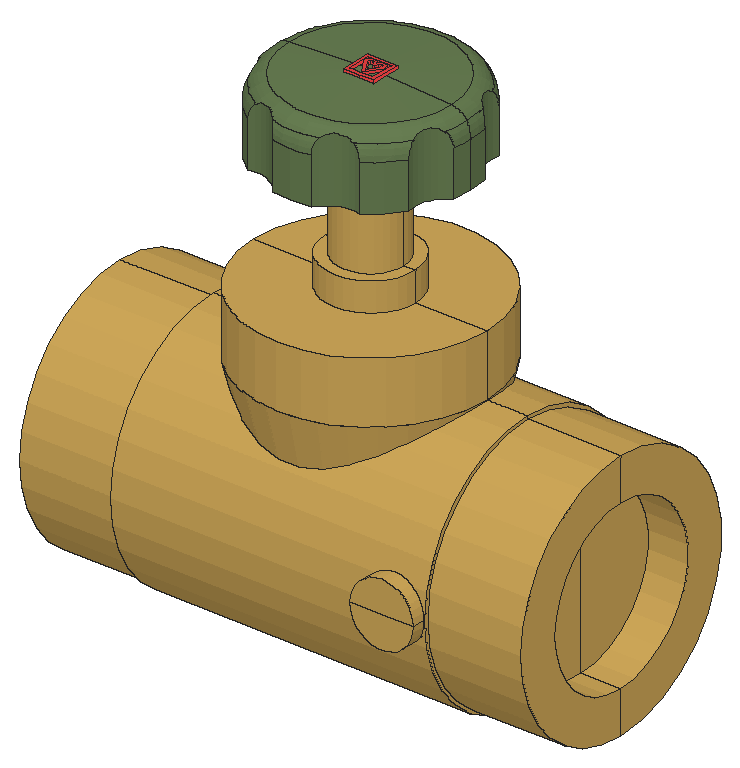
Revit family "HERZ Strömax 4215 W IG-IG", category Rohrzubehör, Revit 2021
Family settings
  Bemaßung runder Anschluss = Durchmesser verwenden
  Teiletyp = Unterbricht
  OmniClass-Nummer = 23.65.55.14
  OmniClass-Titel = Valves for Liquid Services
  Arbeitsebenenbasiert = Nein
  Immer vertikal = Ja
  Beim Laden mit Abzugskörper schneiden = Nein
  Gemeinsam genutzt = Nein
Parameters
  Vorgabe-Ansicht = 0 mm
  URL = "www.herzvalves.com"
  T01 [instance] = size_lookup("4215W_", "T1", 17.5 mm, Nennweite)  # 42 mm
  SC_NennweiteBerechnet = 0
  SC_Dimension = ""
  SCTWSEQ = "FW;SBT_TYP_FW=\"106\";2"
  SCTWCODE = "04;01;02"  # constant formula
  S03 = 60 mm  # constant formula
  S02 [instance] = H01 + H02 + H03  # 93 mm
  S01 [instance] = R01 * 2  # 75 mm
  R08 [instance] = size_lookup("4215W_", "R8", 9.5 mm, Nennweite)  # 9.5 mm
  R07 = 3 mm  # constant formula
  R06 [instance] = size_lookup("4215W_", "R6", 7.8 mm, Nennweite)  # 10 mm
  R05 [instance] = size_lookup("4215W_", "R5", 10.1 mm, Nennweite)  # 13.5 mm
  R04 [instance] = size_lookup("4215W_", "R4", 13.5 mm, Nennweite)  # 35 mm
  R03 [instance] = size_lookup("4215W_", "R3", 15 mm, Nennweite)  # 38.5 mm
  R02 [instance] = Nennweite / 2  # 25 mm
  R01 [instance] = size_lookup("4215W_", "R1", 16 mm, Nennweite)  # 37.5 mm
  Part number [instance] = size_lookup("4215W_", "Artnr", 0, Nennweite)  # 2421546
  Note = "Pursuant to Article 33 of the REACH Regulation (EC No. 1907/2006), we are obliged to point out that the material lead is listed on the SVHC list and that all brass components manufactured in our products exceed 0.1% (w / w) lead (CAS: 7439-92-1 / EINECS: 231-100-4).\r\nSince lead is a component part of an alloy, actual exposure is not possible and therefore no additional information on safe use is necessary."
  Nennweite [instance] = 50 mm
  Min. flow at Dp 10 kPa [instance] = if(Nennweite = 15 mm, 0.2, if(Nennweite = 20 mm, 0.4, if(Nennweite = 25 mm, 0.7, if(Nennweite = 32 mm, 1.2, if(Nennweite = 40 mm, 1.6, if(Nennweite = 50 mm, 2.7, 0))))))  # 2.7
  Medium = "Water"  # constant formula
  Max. operating temperature = 90 °C  # constant formula
  Max. operating pressure = 1000000.0 Pa  # constant formula
  Max. differential pressure on closed seat = 1000000.0 Pa  # constant formula
  L03 [instance] = size_lookup("4215W_", "L3", 15.5 mm, Nennweite)  # 38 mm
  L02 = 12 mm  # constant formula
  L01 [instance] = size_lookup("4215W_", "L1", 16 mm, Nennweite)  # 28 mm
  L00 [instance] = size_lookup("4215W_", "L", 65 mm, Nennweite)  # 150 mm
  Hersteller = "HERZ Armaturen Ges.m.b.H."  # constant formula
  Hand wheel = "plastic, green"  # constant formula
  H04 = 21 mm  # constant formula
  H03 [instance] = size_lookup("4215W_", "H3", 14.6 mm, Nennweite)  # 27.3 mm
  H02 [instance] = size_lookup("4215W_", "H2", 5.4 mm, Nennweite)  # 8.7 mm
  H01 [instance] = size_lookup("4215W_", "H1", 26 mm, Nennweite)  # 57 mm
  H00 [instance] = H01 + H02 + H03  # 93 mm
  O-Rings = "EPDM"  # constant formula
  Body = "DZR brass acc. to EN1982"  # constant formula
  Application = "For shutting off drinking water pipes and systems in buildings."
Reference planes
  plane 1 "Mitte (Vorne/hinten)": y = 0
  plane 2: z = 0
  plane 3 "Mitte (Links/rechts)": x = 0
Forms (mm)
  Revolve 1, solid, material "Messing, weicher Gelbton, geschweißt", detail levels fine
    sketch origin (470, 0, 0) x (1, 0, 0) y (0, 0, 1)
      loop
        line (-545, 25) -> (-533, 25) -> (-533, 0) -> (-407, 0) -> (-407, 25) -> (-395, 25) -> (-395, 37.5) -> (-423, 37.5) -> (-423, 38.5) -> (-517, 38.5) -> (-517, 37.5) -> (-545, 37.5) -> (-545, 25)
      axis (-545, 0) -> (-395, 0)
    angle from 0 to 360
  Revolve 2, solid, material "Messing, weicher Gelbton, geschweißt", detail levels fine
    sketch origin (0, 0, 0) x (1, 0, 0) y (0, 0, 1)
      loop
        line (0, 0) -> (0, 93) -> (-10, 93) -> (-10, 65.7) -> (-13.5, 65.7) -> (-13.5, 57) -> (-35, 57) -> (-35, 38.5) -> (-25, 0) -> (0, 0)
      axis (0, 93) -> (0, 0)
    angle from 0 to 360
  Revolve 3, solid, material "Messing, weicher Gelbton, geschweißt", detail levels fine
    sketch origin (0, 0, 0) x (1, 0, 0) y (0, 1, 0)
      loop
        line (37, -42) -> (46.5, -42) -> (46.5, -25) -> (40, -25) -> (40, 25) -> (46.5, 25) -> (46.5, 42) -> (37, 42) -> (37, -42)
      axis (37, 42) -> (37, -42)
    angle from 0 to 360
Lines and regions (mm)
  model lines, detail levels coarse+medium
    curve 1: line (-75, 0, -37.5) -> (-75, 0, 37.5)
    curve 2: line (-75, 0, 37.5) -> (75, 0, -37.5)
    curve 3: line (75, 0, -37.5) -> (75, 0, 37.5)
    curve 4: line (75, 0, 37.5) -> (-75, 0, -37.5)
    curve 5: line (0, 0, 0) -> (0, 0, 93)
    curve 6: line (-30, 0, 93) -> (30, 0, 93)
    curve 7: line (-75, 37.5, 0) -> (-75, -37.5, 0)
    curve 8: line (-75, -37.5, 0) -> (75, 37.5, 0)
    curve 9: line (75, 37.5, 0) -> (75, -37.5, 0)
    curve 10: line (75, -37.5, 0) -> (-75, 37.5, 0)
    curve 11: line (0, 0, 0) -> (0, 93, 0)
    curve 12: line (-30, 93, 0) -> (30, 93, 0)
Dimensions and locks
  "L00": Revolve 1 sketch curve to Revolve 1 sketch curve
  equal spacing: Revolve 1 sketch curve, plane 3 "Mitte (Links/rechts)", Revolve 1 sketch curve
  "R01": Revolve 1 sketch curve to Revolve 1 sketch curve  (x2)
  "R02": Revolve 1 sketch curve to Revolve 1 sketch curve  (x2)
  "L01": Revolve 1 sketch curve to Revolve 1 sketch curve  (x2)
  "L02": Revolve 1 sketch curve to Revolve 1 sketch curve  (x2)
  "R03": Revolve 1 sketch curve to Revolve 1 sketch curve
  "R03": Revolve 2 sketch curve to Revolve 2 sketch curve
  "R02": Revolve 2 sketch curve to Revolve 2 sketch curve
  "R04": Revolve 2 sketch curve to Revolve 2 sketch curve
  "R05": Revolve 2 sketch curve to Revolve 2 sketch curve
  "R06": Revolve 2 sketch curve to Revolve 2 sketch curve
  "H01": Revolve 2 sketch curve to plane 2
  "T01": Revolve 3 sketch curve to plane 1 "Mitte (Vorne/hinten)" to Revolve 3 sketch curve
  "L03": Revolve 3 sketch curve to Revolve 1
  "R02": Revolve 3 sketch curve to plane 1 "Mitte (Vorne/hinten)"
  "R02": plane 1 "Mitte (Vorne/hinten)" to Revolve 3 sketch curve
  "R07": Revolve 3 sketch curve to Revolve 3 sketch curve
  "R08": Revolve 3 sketch curve to Revolve 3 sketch curve
  "H02": Revolve 2 sketch curve to Revolve 2 sketch curve
  "H03": Revolve 2 sketch curve to Revolve 2 sketch curve
  "H00": nested 1 to plane 2
  "H04": nested 2 to Revolve 2
  equal spacing: curve 3, plane 3 "Mitte (Links/rechts)", curve 1
  "L00": curve 3 to curve 1
  equal spacing: curve 2, plane 2, curve 4
  "S01": curve 2 to curve 4
  equal spacing: curve 4, plane 2, curve 3
  "S01": curve 4 to curve 3
  "S02": curve 5 to plane 2
  equal spacing: curve 6, curve 5, curve 6
  "S03": curve 6 to curve 6
  equal spacing: curve 7, plane 3 "Mitte (Links/rechts)", curve 9
  "L00": curve 7 to curve 9
  equal spacing: curve 10, plane 1 "Mitte (Vorne/hinten)", curve 9
  equal spacing: curve 8, plane 1 "Mitte (Vorne/hinten)", curve 10
  "S01": curve 9 to curve 10
  "S01": curve 10 to curve 8
  equal spacing: curve 12, plane 3 "Mitte (Links/rechts)", curve 12
  "S02": plane 1 "Mitte (Vorne/hinten)" to curve 11
  "S03": curve 12 to curve 12
  aligned and locked: level to plane 2
Automatic sketch dimensions
  curve 5 to level = 0 mm
  plane 1 "Mitte (Vorne/hinten)" to curve 11 = 0 mm
  Revolve 1 sketch curve to level = 0 mm  (x2)
  Revolve 1 sketch curve to Revolve 1 sketch curve = 791.99 mm
  Revolve 1 sketch curve to Revolve 1 sketch curve = 2278.983 mm
  Revolve 2 sketch curve to level = 0 mm
  Revolve 2 sketch curve to plane 3 "Mitte (Links/rechts)" = 0 mm  (x2)
  Revolve 2 sketch curve to level = 366.045 mm
  Revolve 2 sketch curve to Revolve 2 sketch curve = 2165.278 mm
  Revolve 3 sketch curve to Revolve 3 sketch curve = 9.5 mm
  Revolve 3 sketch curve to Revolve 3 sketch curve = 0 mm
  Revolve 3 sketch curve to Revolve 3 sketch curve = 4.553 mm
  Revolve 3 sketch curve to Revolve 3 sketch curve = 3.768 mm
Nested families
  nested 1: "Strömax-Handrad (Grün)" at (0, 0, 93), type "Strömax-Handrad (Grün)", detail levels fine
    with Nennweite 0 mm, Gewicht 0.00 kg, Bestellnummer 0
  nested 2: "Herz-Logo" at (0, 0, 114), type "Herz-Logo", detail levels fine
Connectors
  piping at (-63, 0, 0), diameter 50, driven by "Nennweite"
    settings: on Revolve 1, index 1, connector inside diameter 609.6 mm, connector length 0 mm, flow factor 0, pipe flow 0.0 L/s, pressure drop 0.0 Pa, fitting loss kfactor 0, connector angle 0.00°, fixture units 0, engagement length 0 mm, angle of deflection 0.00°, flow configuration 0, flow direction 1, fitting loss method 0, system type 29, joint type 0, gender type 0, connector reference index -1, connector utility 0, adjustable connector no, is connector primary yes, connector description ""
  piping at (63, 0, 0), diameter 50, driven by "Nennweite"
    settings: on Revolve 1, index 2, connector inside diameter 609.6 mm, connector length 0 mm, flow factor 0, pipe flow 0.0 L/s, pressure drop 0.0 Pa, fitting loss kfactor 0, connector angle 0.00°, fixture units 0, engagement length 0 mm, angle of deflection 0.00°, flow configuration 0, flow direction 2, fitting loss method 0, system type 29, joint type 0, gender type 0, connector reference index -1, connector utility 0, adjustable connector no, is connector primary no, connector description ""
Definition of nested family "Strömax-Handrad (Grün)"
  Parameters (values of type "Strömax-Handrad (Grün)")
    Default Elevation = 0 mm
    URL = "www.herz-armaturen.at"
    Nennweite [instance] = 0 mm
    Manufacturer = "Herz Armaturen GmbH"  # constant formula
    Gewicht [instance] = 0.00 kg
    Bestellnummer [instance] = 0
  Reference planes
    plane 1 "Mitte (Vorne/hinten)": y = 0
    plane 2: z = 0
    plane 3 "Mitte (Links/rechts)": x = 0
  Forms (mm)
    Revolve 1, solid
      sketch origin (0, 0, 0) x (1, 0, 0) y (0, 0, 1)
        loop
          line (0, 0) -> (0, 22)
          arc (0, 22) -> (-12.15, 21.705) -> (-24.271, 20.819) r 250
          arc (-24.271, 20.819) -> (-26.831, 19.959) -> (-28.754, 18.063) r 6
          arc (-28.754, 18.063) -> (-29.682, 16.008) -> (-30, 13.776) r 8
          line (-30, 13.776) -> (-30, 0) -> (0, 0)
        axis (0, 22) -> (0, 0)
      angle from 0 to 360
    Extrusion 2, void
      sketch origin (0, 0, 0) x (1, 0, 0) y (0, 1, 0)
        loop
          circle (14.351, -34.645) r 10
      from 0 to 22
    Extrusion 3, void
      sketch origin (0, 0, 0) x (-1, 0, 0) y (0, -1, 0)
        loop
          circle (14.351, 34.645) r 10
      from 0 to 22
    Extrusion 4, void
      sketch origin (0, 0, 0) x (0, -1, 0) y (1, 0, 0)
        loop
          circle (14.351, 34.645) r 10
      from 0 to 22
    Extrusion 5, void
      sketch origin (0, 0, 0) x (0, 1, 0) y (-1, 0, 0)
        loop
          circle (14.351, -34.645) r 10
      from 0 to 22
    Extrusion 6, void
      sketch origin (0, 0, 0) x (0, -1, 0) y (1, 0, 0)
        loop
          circle (14.351, -34.645) r 10
      from 0 to 22
    Extrusion 7, void
      sketch origin (0, 0, 0) x (0, 1, 0) y (-1, 0, 0)
        loop
          circle (14.351, 34.645) r 10
      from 0 to 22
    Extrusion 8, void
      sketch origin (0, 0, 0) x (1, 0, 0) y (0, 1, 0)
        loop
          circle (14.351, 34.645) r 10
      from 0 to 22
    Extrusion 9, void
      sketch origin (0, 0, 0) x (-1, 0, 0) y (0, -1, 0)
        loop
          circle (14.351, -34.645) r 10
      from 0 to 22
  Cuts and joins
    Extrusion 2, Extrusion 3, Extrusion 4, Extrusion 5, Extrusion 6, Extrusion 7, Extrusion 8, Extrusion 9 cuts Revolve 1
  Dimensions and locks
    aligned and locked: level to plane 2
Definition of nested family "Herz-Logo"
  Parameters (values of type "Herz-Logo")
    Default Elevation = 0 mm
  Reference planes
    plane 1 "Mitte (Vorne/hinten)": y = 0
    plane 2: z = 0
    plane 3 "Mitte (Links/rechts)": x = 0
  Forms (mm)
    Extrusion 1, solid
      sketch origin (0, 0, 0) x (1, 0, 0) y (0, 1, 0)
        loop
          line (-0.018, -4.517) -> (4.482, -4.517) -> (4.482, 4.483) -> (-4.518, 4.483) -> (-4.518, -4.517) -> (-0.018, -4.517)
        loop
          line (-0.05, -3.48) -> (3.482, -3.48) -> (3.482, 3.483) -> (-3.518, 3.483) -> (-3.518, -3.48) -> (-0.05, -3.48)
        loop
          arc (-0.018, 2.383) -> (-1.543, 3.287) -> (-3.067, 2.383) r 1.738
          arc (-3.067, 2.383) -> (-3.191, 1.899) -> (-3.067, 1.415) r 1.009
          line (-3.067, 1.415) -> (-0.018, -3.281) -> (3.032, 1.415)
          arc (3.032, 1.415) -> (3.156, 1.899) -> (3.032, 2.383) r 1.009
          arc (3.032, 2.383) -> (1.507, 3.287) -> (-0.018, 2.383) r 1.738
        loop
          arc (1.885, 1.272) -> (2.005, 1.675) -> (1.885, 2.079) r 0.74
          arc (1.885, 2.079) -> (1.265, 2.416) -> (0.644, 2.079) r 0.74
          line (0.644, 2.079) -> (-0.018, 0.97) -> (-0.679, 2.079)
          arc (-0.679, 2.079) -> (-1.3, 2.416) -> (-1.921, 2.079) r 0.74
          arc (-1.921, 2.079) -> (-2.04, 1.675) -> (-1.921, 1.272) r 0.74
          line (-1.921, 1.272) -> (-0.018, -1.658) -> (1.885, 1.272)
      from 0 to 1.5
  Dimensions and locks
    aligned and locked: level to plane 2
